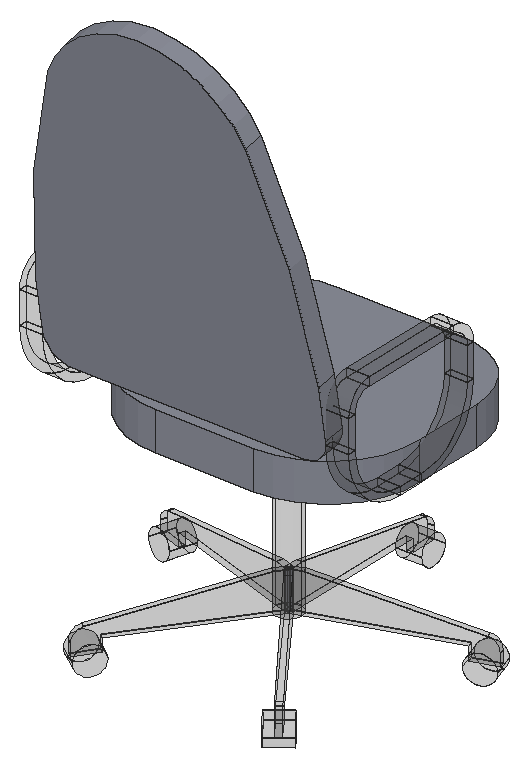
Revit family
Parameters (values of type "Chair - Desk (2)")
  Keynote = "N"
  Material Frame = Plastic - Black
  Material Caster = Plastic - Black
  Material Seat = Textile - Slate Blue
  Assembly Code = ""
Reference planes
  plane 1 "Center (Front/Back)": y = 18.946
  plane 2: z = 0
  plane 3 "Center (Left/Right)": x = 140.991
  plane 4: x = 458.491
  plane 5: x = -176.509
  plane 6: y = -323.954
  plane 7: y = 361.846
  plane 8: z = 1066.8
  plane 9: z = 457.2
  plane 10: x = 191.791
  plane 11: x = 90.191
  plane 12: through (0, -131.752, -23.231) normal (0, -0.9848, -0.1736)
  plane 13: x = 414.041
  plane 14: x = -132.059
Forms (mm)
  Extrusion 1, solid, material "Plastic - Black" <- "Material Frame"
    sketch origin (191.791, 0, 0) x (0, -1, 0) y (0, 0, 1)
      loop
        line (19.154, 383.784) -> (-69.746, 383.784) -> (-69.746, 371.084) -> (-18.946, 283.095) -> (19.154, 283.095) -> (19.154, 383.784)
    from 0 to 101.6
  Extrusion 2, solid, material "Plastic - Black" <- "Material Frame"
    sketch origin (140.991, 0, 0) x (0, 1, 0) y (0, 0, 1)
      loop
        line (18.946, 53.584) -> (311.046, 53.584) -> (311.046, 28.184) -> (361.846, 28.184) -> (361.846, 52.487)
        arc (361.846, 52.487) -> (355.903, 68.813) -> (340.857, 77.501) r 25.4
        line (340.857, 77.501) -> (44.346, 129.784) -> (18.946, 129.784) -> (18.946, 53.584)
    from 6.35 to -6.35
  Extrusion 3, solid, material "Plastic - Black" <- "Material Caster"
    sketch origin (140.991, 0, 0) x (0, 1, 0) y (0, 0, 1)
      loop
        circle (336.446, 28.184) r 28.2
    from 25.4 to -25.4
  Extrusion 4, solid, material "Plastic - Black" <- "Material Frame"
    sketch origin (159.009, 13.091, 0) x (-0.951057, 0.309017, 0) y (0, 0, 1)
      loop
        line (18.946, 53.584) -> (311.046, 53.584) -> (311.046, 28.184) -> (361.846, 28.184) -> (361.846, 52.487)
        arc (361.846, 52.487) -> (355.903, 68.813) -> (340.857, 77.501) r 25.4
        line (340.857, 77.501) -> (44.346, 129.784) -> (18.946, 129.784) -> (18.946, 53.584)
    from 6.35 to -6.35
  Extrusion 5, solid, material "Plastic - Black" <- "Material Caster"
    sketch origin (159.009, 13.091, 0) x (-0.951057, 0.309017, 0) y (0, 0, 1)
      loop
        circle (336.446, 28.184) r 28.2
    from 25.4 to -25.4
  Extrusion 6, solid, material "Plastic - Black" <- "Material Frame"
    sketch origin (152.127, 34.273, 0) x (-0.587785, -0.809017, 0) y (0, 0, 1)
      loop
        line (18.946, 53.584) -> (311.046, 53.584) -> (311.046, 28.184) -> (361.846, 28.184) -> (361.846, 52.487)
        arc (361.846, 52.487) -> (355.903, 68.813) -> (340.857, 77.501) r 25.4
        line (340.857, 77.501) -> (44.346, 129.784) -> (18.946, 129.784) -> (18.946, 53.584)
    from 6.35 to -6.35
  Extrusion 7, solid, material "Plastic - Black" <- "Material Caster"
    sketch origin (152.127, 34.273, 0) x (-0.587785, -0.809017, 0) y (0, 0, 1)
      loop
        circle (336.446, 28.184) r 28.2
    from 25.4 to -25.4
  Extrusion 8, solid, material "Plastic - Black" <- "Material Frame"
    sketch origin (129.855, 34.273, 0) x (0.587785, -0.809017, 0) y (0, 0, 1)
      loop
        line (18.946, 53.584) -> (311.046, 53.584) -> (311.046, 28.184) -> (361.846, 28.184) -> (361.846, 52.487)
        arc (361.846, 52.487) -> (355.903, 68.813) -> (340.857, 77.501) r 25.4
        line (340.857, 77.501) -> (44.346, 129.784) -> (18.946, 129.784) -> (18.946, 53.584)
    from 6.35 to -6.35
  Extrusion 9, solid, material "Plastic - Black" <- "Material Caster"
    sketch origin (129.855, 34.273, 0) x (0.587785, -0.809017, 0) y (0, 0, 1)
      loop
        circle (336.446, 28.184) r 28.2
    from 25.4 to -25.4
  Extrusion 10, solid, material "Plastic - Black" <- "Material Frame"
    sketch origin (122.972, 13.091, 0) x (0.951057, 0.309017, 0) y (0, 0, 1)
      loop
        line (18.946, 53.584) -> (311.046, 53.584) -> (311.046, 28.184) -> (361.846, 28.184) -> (361.846, 52.487)
        arc (361.846, 52.487) -> (355.903, 68.813) -> (340.857, 77.501) r 25.4
        line (340.857, 77.501) -> (44.346, 129.784) -> (18.946, 129.784) -> (18.946, 53.584)
    from 6.35 to -6.35
  Extrusion 11, solid, material "Plastic - Black" <- "Material Caster"
    sketch origin (122.972, 13.091, 0) x (0.951057, 0.309017, 0) y (0, 0, 1)
      loop
        circle (336.446, 28.184) r 28.2
    from 25.4 to -25.4
  Extrusion 12, solid, material "Plastic - Black" <- "Material Frame"
    sketch origin (0, 0, 0) x (1, 0, 0) y (0, 1, 0)
      loop
        circle (140.991, 18.946) r 25.4
    from 53.584 to 384.175
  Extrusion 13, solid, material "Textile - Slate Blue" <- "Material Seat"
    sketch origin (0, 0, 0) x (1, 0, 0) y (0, 1, 0)
      loop
        arc (20.341, 281.896) -> (-87.422, 237.259) -> (-132.059, 129.496) r 152.4
        line (-132.059, 129.496) -> (-132.059, -6.454)
        arc (-132.059, -6.454) -> (-79.983, -132.178) -> (45.741, -184.254) r 177.8
        line (45.741, -184.254) -> (236.241, -184.254)
        arc (236.241, -184.254) -> (361.964, -132.178) -> (414.041, -6.454) r 177.8
        line (414.041, -6.454) -> (414.041, 129.496)
        arc (414.041, 129.496) -> (369.404, 237.259) -> (261.641, 281.896) r 152.4
        line (261.641, 281.896) -> (20.341, 281.896)
    from 383.784 to 457.2
  Extrusion 14, solid, material "Textile - Slate Blue" <- "Material Seat"
    sketch origin (0, -131.752, -23.231) x (0, 0.173648, -0.984808) y (1, 0, 0)
      loop
        line (-534.516, -81.259) -> (-534.516, 363.241)
        arc (-534.516, 363.241) -> (-549.395, 399.162) -> (-585.316, 414.041) r 50.8
        line (-585.316, 414.041) -> (-686.916, 414.041)
        arc (-686.916, 414.041) -> (-901.118, 387.762) -> (-1109.461, 331.491) r 1524
        arc (-1109.461, 331.491) -> (-1241.95, 140.991) -> (-1109.461, -49.509) r 203.2
        arc (-1109.461, -49.509) -> (-901.118, -105.781) -> (-686.916, -132.059) r 1524
        line (-686.916, -132.059) -> (-585.316, -132.059)
        arc (-585.316, -132.059) -> (-549.395, -117.18) -> (-534.516, -81.259) r 50.8
    from 0 to -38.1
  Sweep 15, solid, material "Plastic - Black" <- "Material Frame"
    path origin (414.041, 0, 0) x (0, 1, 0) y (0, 0, 1)
      loop
        arc (-57.254, 419.1) -> (32.548, 456.297) -> (69.746, 546.1) r 127
        line (69.746, 546.1) -> (69.746, 609.6)
        arc (69.746, 609.6) -> (54.867, 645.521) -> (18.946, 660.4) r 50.8
        line (18.946, 660.4) -> (-184.254, 660.4)
        arc (-184.254, 660.4) -> (-220.175, 645.521) -> (-235.054, 609.6) r 50.8
        line (-235.054, 609.6) -> (-235.054, 546.1)
        arc (-235.054, 546.1) -> (-197.857, 456.297) -> (-108.054, 419.1) r 127
        line (-108.054, 419.1) -> (-57.254, 419.1)
    profile origin (414.041, -82.654, 0) x (0, 0, -1) y (1, 0, 0)
      loop
        line (-420.492, 0) -> (-420.492, 44.45) -> (-436.367, 44.45) -> (-436.367, 0) -> (-420.492, 0)
  Sweep 16, solid, material "Plastic - Black" <- "Material Frame"
    path origin (-132.059, 0, 0) x (0, 1, 0) y (0, 0, 1)
      loop
        arc (-57.254, 419.1) -> (32.548, 456.297) -> (69.746, 546.1) r 127
        line (69.746, 546.1) -> (69.746, 609.6)
        arc (69.746, 609.6) -> (54.867, 645.521) -> (18.946, 660.4) r 50.8
        line (18.946, 660.4) -> (-184.254, 660.4)
        arc (-184.254, 660.4) -> (-220.175, 645.521) -> (-235.054, 609.6) r 50.8
        line (-235.054, 609.6) -> (-235.054, 546.1)
        arc (-235.054, 546.1) -> (-197.857, 456.297) -> (-108.054, 419.1) r 127
        line (-108.054, 419.1) -> (-57.254, 419.1)
    profile origin (-678.159, -82.654, 0) x (0, 0, -1) y (1, 0, 0)
      loop
        line (-420.492, 546.1) -> (-436.367, 546.1) -> (-436.367, 501.65) -> (-420.492, 501.65) -> (-420.492, 546.1)
Lines and regions (mm)
  Masking region 1
    outline origin (0, 0, 0) x (1, 0, 0) y (0, 1, 0)
      loop
        arc (20.341, 281.896) -> (-87.422, 237.259) -> (-132.059, 129.496) r 152.4
        line (-132.059, 129.496) -> (-132.059, -66.234)
        arc (-132.059, -66.234) -> (-127.444, -106.481) -> (-113.838, -144.639) r 177.8
        arc (-113.838, -144.639) -> (-122.487, -159.785) -> (-125.488, -176.966) r 50.678
        line (-125.488, -176.966) -> (-125.488, -222.074)
        arc (-125.488, -222.074) -> (-118.097, -239.917) -> (-100.255, -247.308) r 25.233
        line (-100.255, -247.308) -> (382.224, -247.308)
        arc (382.224, -247.308) -> (400.067, -239.917) -> (407.458, -222.075) r 25.233
        line (407.458, -222.075) -> (407.458, -176.961)
        arc (407.458, -176.961) -> (404.459, -159.787) -> (395.817, -144.646) r 50.674
        arc (395.817, -144.646) -> (409.425, -106.485) -> (414.041, -66.234) r 177.8
        line (414.041, -66.234) -> (414.041, 129.496)
        arc (414.041, 129.496) -> (369.404, 237.259) -> (261.641, 281.896) r 152.4
        line (261.641, 281.896) -> (20.341, 281.896)
  symbolic lines
    curve 1: line (-100.255, -247.308, 0) -> (382.224, -247.308, 0)
    curve 2: line (-125.488, -222.074, 0) -> (-125.488, -176.966, 0)
    curve 3: line (-74.809, -126.288, 0) -> (356.784, -126.288, 0)
    curve 4: line (407.458, -222.075, 0) -> (407.458, -176.961, 0)
    curve 5: arc (-74.809, -126.288, 0) -> (-96.374, -131.104, 0) -> (-113.838, -144.639, 0) r 50.678
    curve 6: arc (356.784, -126.288, 0) -> (378.351, -131.106, 0) -> (395.817, -144.646, 0) r 50.674
    curve 7: arc (-125.488, -222.074, 0) -> (-118.097, -239.917, 0) -> (-100.255, -247.308, 0) r 25.233
    curve 8: arc (407.458, -222.075, 0) -> (400.067, -239.917, 0) -> (382.224, -247.308, 0) r 25.233
    curve 9: line (20.341, 281.896, 0) -> (261.641, 281.896, 0)
    curve 10: line (-132.059, 129.496, 0) -> (-132.059, -66.234, 0)
    curve 11: line (414.041, 129.496, 0) -> (414.041, -66.234, 0)
    curve 12: arc (20.341, 281.896, 0) -> (-87.422, 237.259, 0) -> (-132.059, 129.496, 0) r 152.4
    curve 13: arc (261.641, 281.896, 0) -> (369.404, 237.259, 0) -> (414.041, 129.496, 0) r 152.4
    curve 14: arc (414.041, -66.234, 0) -> (409.425, -106.485, 0) -> (395.817, -144.646, 0) r 177.8
    curve 15: arc (-132.059, -66.234, 0) -> (-127.444, -106.481, 0) -> (-113.838, -144.639, 0) r 177.8
    curve 16: line (115.591, 364.646, 0) -> (166.391, 364.646, 0)
    curve 17: line (115.591, 364.646, 0) -> (115.591, 308.246, 0)
    curve 18: line (115.591, 308.246, 0) -> (166.391, 308.246, 0)
    curve 19: line (166.391, 364.646, 0) -> (166.391, 308.246, 0)
    curve 20: line (413.964, 134.347, 0) -> (461.922, 149.93, 0)
    curve 21: line (461.922, 149.93, 0) -> (477.62, 101.616, 0)
    curve 22: line (477.62, 101.616, 0) -> (423.98, 84.188, 0)
    curve 23: line (423.98, 84.188, 0) -> (414.041, 114.778, 0)
    curve 24: line (303.039, -247.308, 0) -> (323.639, -275.661, 0)
    curve 25: line (323.639, -275.661, 0) -> (362.665, -247.308, 0)
    curve 26: line (-21.058, -247.308, 0) -> (-41.658, -275.661, 0)
    curve 27: line (-41.658, -275.661, 0) -> (-83.85, -247.308, 0)
    curve 28: line (-195.639, 101.616, 0) -> (-179.941, 149.93, 0)
    curve 29: line (-179.941, 149.93, 0) -> (-132.059, 129.496, 0)
    curve 30: line (-195.639, 101.616, 0) -> (-141.999, 84.188, 0)
    curve 31: line (-141.999, 84.188, 0) -> (-132.059, 104.415, 0)
    curve 32: line (134.641, 308.246, 0) -> (147.341, 308.246, 0)
    curve 33: line (134.641, 308.246, 0) -> (134.641, 281.896, 0)
    curve 34: line (134.641, 281.896, 0) -> (147.341, 281.896, 0)
    curve 35: line (147.341, 308.246, 0) -> (147.341, 281.896, 0)
    curve 36: line (-176.509, 68.354, 0) -> (-144.61, 68.354, 0)
    curve 37: line (-176.509, 68.354, 0) -> (-176.509, -184.254, 0)
    curve 38: line (-176.509, -184.254, 0) -> (-144.61, -184.254, 0)
    curve 39: line (-144.61, 68.354, 0) -> (-144.61, -184.254, 0)
    curve 40: line (458.491, 68.354, 0) -> (426.167, 68.354, 0)
    curve 41: line (458.491, 68.354, 0) -> (458.491, -184.254, 0)
    curve 42: line (458.491, -184.254, 0) -> (426.167, -184.254, 0)
    curve 43: line (426.167, 68.354, 0) -> (426.167, -184.254, 0)
    curve 44: arc (-113.838, -144.639, 0) -> (-122.487, -159.785, 0) -> (-125.488, -176.966, 0) r 50.678
    curve 45: arc (395.817, -144.646, 0) -> (404.459, -159.787, 0) -> (407.458, -176.961, 0) r 50.674
Dimensions and locks
  equal spacing: plane 5, plane 3 "Center (Left/Right)", plane 4
  plane 5 to plane 4 = 635.00 mm
  equal spacing: plane 6, plane 1 "Center (Front/Back)", plane 7
  plane 6 to plane 7 = 685.80 mm
  aligned: Masking region 1 sketch curve to curve 12
  aligned: Masking region 1 sketch curve to curve 10
  aligned: Masking region 1 sketch curve to curve 15
  aligned: Masking region 1 sketch curve to curve 44
  aligned: Masking region 1 sketch curve to curve 2
  aligned: Masking region 1 sketch curve to curve 7
  aligned: Masking region 1 sketch curve to curve 1
  aligned: Masking region 1 sketch curve to curve 8
  aligned: Masking region 1 sketch curve to curve 4
  aligned: Masking region 1 sketch curve to curve 45
  aligned: Masking region 1 sketch curve to curve 14
  aligned: Masking region 1 sketch curve to curve 11
  aligned: Masking region 1 sketch curve to curve 13
  aligned: Masking region 1 sketch curve to curve 9
Automatic sketch dimensions
  curve 5 to curve 44 = 0.00 mm  (x2)
  curve 37 to plane 5 = 0.00 mm
  curve 12 to plane 14 = 0.00 mm
  curve 11 to plane 13 = 0.00 mm
  curve 42 to plane 4 = 0.00 mm
  plane 5 to curve 29 = 3.431 mm
  plane 5 to curve 28 = 19.13 mm
  curve 36 to plane 14 = 12.551 mm
  curve 31 to plane 14 = 9.939 mm
  plane 14 to curve 2 = 6.571 mm
  plane 14 to curve 5 = 18.221 mm
  plane 14 to curve 1 = 31.805 mm
  curve 7 to curve 27 = 16.405 mm
  curve 5 to curve 44 = 39.029 mm
  curve 27 to curve 27 = 42.192 mm
  curve 26 to curve 26 = 20.60 mm
  plane 11 to curve 9 = 69.85 mm
  plane 11 to curve 15 = 44.45 mm
  curve 17 to plane 7 = 2.80 mm
  curve 17 to plane 3 "Center (Left/Right)" = 25.40 mm
  curve 33 to plane 3 "Center (Left/Right)" = 6.35 mm
  plane 3 "Center (Left/Right)" to curve 35 = 6.35 mm
  plane 3 "Center (Left/Right)" to curve 19 = 25.40 mm
  curve 14 to plane 10 = 44.45 mm
  curve 13 to plane 10 = 69.85 mm
  curve 24 to plane 6 = 76.646 mm
  curve 24 to plane 13 = 111.002 mm
  curve 24 to plane 6 = 48.293 mm
  curve 24 to curve 24 = 20.60 mm
  curve 6 to plane 13 = 57.257 mm
  curve 8 to plane 13 = 31.816 mm
  curve 14 to plane 13 = 18.224 mm
  curve 4 to plane 13 = 6.583 mm
  curve 20 to plane 13 = 0.077 mm
  plane 13 to curve 22 = 9.939 mm
  plane 13 to curve 43 = 12.126 mm
  curve 20 to plane 4 = 3.431 mm
  curve 21 to plane 4 = 19.13 mm
  curve 26 to curve 26 = 28.353 mm
  curve 2 to curve 39 = 37.82 mm
  curve 8 to curve 41 = 37.82 mm
  curve 7 to curve 5 = 45.108 mm
  curve 37 to plane 1 "Center (Front/Back)" = 49.408 mm
  curve 40 to plane 1 "Center (Front/Back)" = 49.408 mm
  curve 40 to curve 23 = 15.833 mm
  curve 36 to curve 30 = 15.833 mm
  curve 40 to curve 22 = 33.262 mm
  curve 36 to curve 30 = 33.262 mm
  curve 30 to curve 31 = 20.228 mm
  plane 7 to curve 35 = 79.95 mm
  curve 33 to curve 32 = 26.35 mm
  curve 19 to curve 32 = 0.00 mm
  curve 6 to curve 45 = 0.00 mm  (x2)
  Masking region 1 sketch curve to plane 14 = 0.00 mm
  Masking region 1 sketch curve to plane 13 = 0.00 mm
  plane 14 to Masking region 1 sketch curve = 6.571 mm
  plane 14 to Masking region 1 sketch curve = 18.221 mm
  plane 14 to Masking region 1 sketch curve = 31.805 mm
  Masking region 1 sketch curve to Masking region 1 sketch curve = 50.678 mm
  plane 11 to Masking region 1 sketch curve = 69.85 mm
  plane 11 to Masking region 1 sketch curve = 44.45 mm
  Masking region 1 sketch curve to plane 10 = 44.45 mm
  Masking region 1 sketch curve to plane 10 = 69.85 mm
  Masking region 1 sketch curve to plane 13 = 57.257 mm
  Masking region 1 sketch curve to plane 13 = 31.816 mm
  Masking region 1 sketch curve to plane 13 = 18.224 mm
  Masking region 1 sketch curve to plane 13 = 6.583 mm
  Masking region 1 sketch curve to plane 6 = 76.646 mm
  Masking region 1 sketch curve to Masking region 1 sketch curve = 45.108 mm
  Masking region 1 sketch curve to Masking region 1 sketch curve = 45.113 mm
  Masking region 1 sketch curve to plane 1 "Center (Front/Back)" = 110.55 mm
